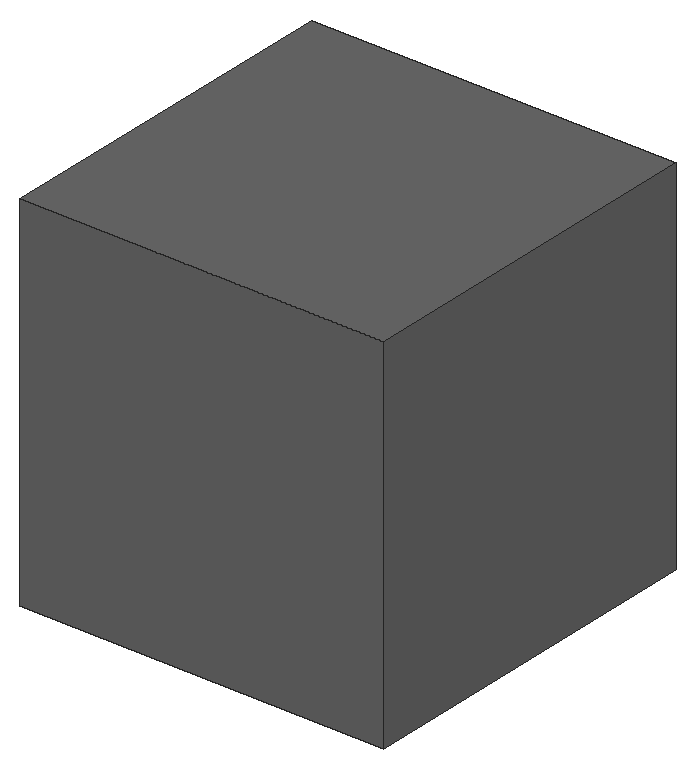
Revit family "Plug_Locking_Leviton_Locking-Plug", category Electrical Fixtures, Revit 2026
Family settings
  Round Connector Dimension = Use Diameter
  Part Type = Normal
  Work Plane-Based = Yes
  Always vertical = No
  Cut with Voids When Loaded = No
  Maintain Annotation Orientation = No
  Shared = No
  Room Calculation Point = No
Parameters
  offset [instance] = 0' - 0"
  Warranty Duration (Years) = 0
  Voltage_MEP = 0 V
  Unit Width = 0' - 1"
  Unit Height = 0' - 1"
  Unit Depth = 0' - 1"
  URL = "http://www.leviton.com/OA_HTML/Home.jsp?minisite=10251&respid=22372"
  Termination = "as Specified"
  Specification = ""
  SpecWizard = ""
  Send Message = "http://www.arcat.com/users.pl?action=UserEmail&company=Leviton+Mfg.+Co.,+Inc.&coid=41690&rep=117&fax=631-812-6252&mf="
  Sales Information = "http://www.leviton.com/OA_HTML/SectionDisplay.jsp?section=37579&minisite=10251"
  Revision = "R1_10-2012"
  Product Properties = ""
  Product Data = "http://arcat.com/arcatcos/cos41/arc41690.html?isac=1&r=1"
  Number of Poles = 1
  Model = "As Specified"
  Manufacturer Website = "http://www.leviton.com/OA_HTML/Home.jsp?minisite=10251&respid=22372"
  Manufacturer Phone - Toll Free = "800-323-8920"
  Manufacturer Phone = ""
  Manufacturer Fax = "631-812-6252"
  Manufacturer Address = "201 N. Service Rd. Melville, NY 11747"
  Manufacturer = "Leviton Mfg. Co., Inc."
  Maintenance Schedule (Months) = 0
  MEP Apparent Power = 0 VA
  MEP Amperage = 0 A
  Keynote = "16140"
  Installation-Fabrication = ""
  Installation Phase = "Electrical Wiring"
  Grounding = "as Specified"
  Green Building-LEED = ""
  Fixture Finish = Thermoplastic - Leviton - Black
  Expected Lifespan (Years) = 0
  Drawn By = "Sumex Design, Inc. / Robert S. Weygant, CSI, CDT, SCIP"
  Description = "Leviton Product as Specified"
  Default Elevation = 4' - 0"
  Copyright = "©Arcat Inc."
  Construction Details = ""
  Assembly Code = "D5020100"
Reference planes (in)
  plane 1 "Center (Front/Back)": y = 0
  plane 2 "Bottom": z = 0
  plane 3 "Center (Left/Right)": x = 0
  plane 4 "Front": y = -0.5
  plane 5 "Back": y = 0.5
  plane 6 "Left": x = -0.5
  plane 7 "Right": x = 0.5
  plane 8 "Top": z = 1
Forms (in)
  Extrusion 1, solid, material "Thermoplastic - Leviton - Black" <- "Fixture Finish"
    sketch origin (0, 0, 0) x (1, 0, 0) y (0, 1, 0)
      loop
        line (-0.5, 0.5) -> (-0.5, -0.5) -> (0.5, -0.5) -> (0.5, 0.5) -> (-0.5, 0.5)
    from 0 to 1
Dimensions and locks (in)
  equal spacing: plane 6 "Left", plane 3 "Center (Left/Right)", plane 7 "Right"
  "Unit Width": plane 6 "Left" to plane 7 "Right"
  equal spacing: plane 5 "Back", plane 1 "Center (Front/Back)", plane 4 "Front"
  "Unit Height": plane 5 "Back" to plane 4 "Front"
  "Unit Depth": plane 8 "Top" to level
  aligned and locked: plane 6 "Left" to Extrusion 1 sketch curve
  aligned and locked: Extrusion 1 sketch curve to plane 5 "Back"
  aligned and locked: plane 4 "Front" to Extrusion 1 sketch curve
  aligned and locked: Extrusion 1 sketch curve to plane 7 "Right"
  aligned and locked: plane 8 "Top" to Extrusion 1
Connectors (in)
  electrical at (0, 0, 0)
    settings: index 1, voltage 0 V, apparent load 0 VA, apparent load phase1 0 VA, apparent load phase2 0 VA, apparent load phase3 0 VA, power factor 1, load classification "Other", number of poles 1, system type 31, power factor state 1, is connector primary yes, connector utility no, sub classification motor no, connector description ""
